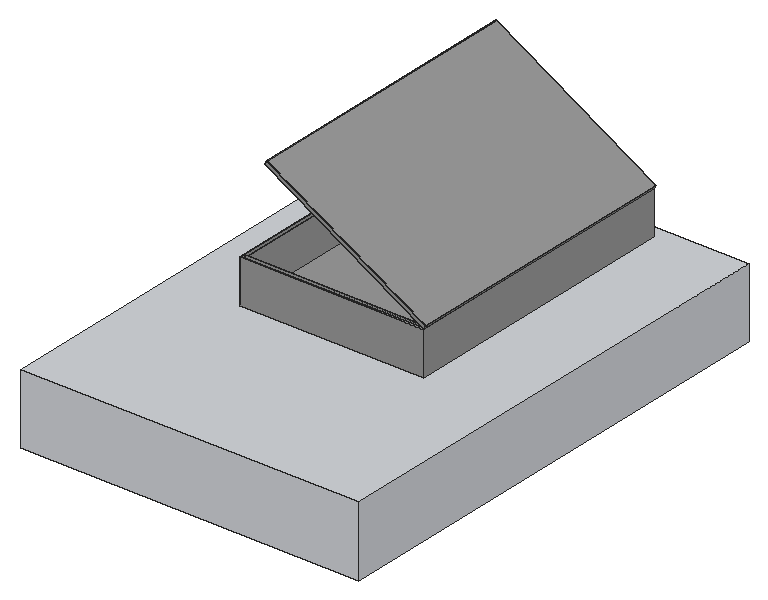
Revit family "Hager-Univers-IP44-D205-H1250-Cl.II-Encl-PL-en", category Equipement électrique, Revit 2020
Family settings
  Hôte = Face
  Configuration du panneau = Deux colonnes, circuits au sein
  Cote de connecteur circulaire = Utiliser le diamètre
  Type d'élément = Tableau de raccordement
  Couper avec des vides une fois chargée = Non
  Partagée = Non
  Point de calcul de pièce = Non
Parameters (values of type "Surface mounted (plaster) IP44 W800 H1250 D205  - FP83SN2")
  Width Control [instance] = if([EF000008 - Width] > Min Width, [EF000008 - Width], Min Width)  # 800 mm
  Commentaires du type = [HG000003 - Range]  # "Univers"
  Thickness Door [instance] = if([EF009171 - Material plate thickness door/cover] > 3 mm, 3 mm, [EF009171 - Material plate thickness door/cover])  # 1 mm
  Seal Frame Offset [instance] = 17 mm  # constant formula
  Plinth Visibility [instance] = [HG000027 - Plinth height] > 0 mm  # no
  Model = ""
  Min Width [instance] = 100 mm  # constant formula
  Min Height [instance] = 100 mm  # constant formula
  Min Depth [instance] = (2 * [EF009170 - Material plate thickness cabinet]) + 1 mm  # 3 mm
  Internal Frame Depth [instance] = (Door System Depth * 0.5)  # 9 mm
  Height Control [instance] = if([EF000040 - Height] > Min Height, [EF000040 - Height], Min Height)  # 1250 mm
  HG000027 - Plinth height = 0 mm
  HG000026 - Floor standing = no
  HG000024 - Bottom section height = 800 mm
  HG000023 - Double section enclosure = no
  HG000016 - Door 3d visibility [instance] = yes
  HG000015 - Clearance visibility [instance] = no
  HG000014 - Door on the right [instance] = yes
  HG000013 - Door on the left [instance] = not([HG000014 - Door on the right])  # no
  HG000012 - Door swing angle [instance] = 30.00°
  HG000010 - Asymmetric doors = no
  HG000009 - Double swing door = no
  HG000006 - Flush mounted = no
  HG000004 - Manufacturer reference = "FP83SN2"
  HG000003 - Range = "Univers"
  HG000002 - With door or cover = yes
  Frame Offset Bottom [instance] = 10 mm  # constant formula
  Frame Offset [instance] = 15 mm  # constant formula
  EF015940 - Cover with overpressure release = no
  EF011959 - Degree of protection (NEMA) = ""
  EF009554 - Number of openings for flange plates = 6
  EF009212 - Cover model = "EV000116 - Closed"
  EF009171 - Material plate thickness door/cover = 1 mm
  EF009170 - Material plate thickness cabinet = 1 mm
  Fabricant = "Hager"  # constant formula
  EF008873 - Nominal current (In) = 250 A
  EF007800 - Suitable for lightning protection = no
  EF006306 - With lock = no
  EF006244 - Transparent cover/door = no
  EF005474 - Degree of protection (IP) = "EV006418 - IP44"
  EF004464 - Type of door = "EV002646 - Single"
  EF004427 - Number of modules = 288
  EF004293 - Impact strength = "EV006815 - IK09"
  EF003532 - Suitable for outdoor use = no
  EF002950 - Width in number of modular spacings = 36
  EF001613 - Circuit integrity = "EV000494 - None"
  EF001596 - Material housing = "EV000179 - Steel"
  EF001131 - Internal depth = 130 mm
  EF001088 - Extension possible = yes
  EF000437 - Number of conduit inlets = 6
  EF000339 - Type of cover = "EV004216 - Door"
  EF000266 - Number of rows = 8
  EF000218 - Built-in depth = 205 mm
  EF000118 - With mounting plate = no
  EF000116 - RAL-number = "9010"
  EF000049 - Depth = 205 mm
  EF000040 - Height = 1250 mm
  EF000008 - Width = 800 mm
  EF000007 - Colour = "EV000202 - White"
  EF000003 - Mounting method = "EV000384 - Surface mounted (plaster)"
  Door System Leaf Tolerance [instance] = 1.5 mm  # constant formula
  Door System Depth [instance] = 18 mm  # constant formula
  Door Height [instance] = Height Control - [HG000027 - Plinth height]  # 1250 mm
  Depth Control [instance] = if([EF000049 - Depth] > Min Depth, [EF000049 - Depth], Min Depth)  # 205 mm
  Default Elevation = 0 mm
  Connector Offset [instance] = Height Control / 2  # 625 mm
  Bottom Top Plate Trim [instance] = 1.5 mm  # constant formula
  Plinth height Ctrl [instance] = if([HG000027 - Plinth height] > 0 mm, [HG000027 - Plinth height], 12 mm)  # 12 mm
Types (5, lengths in mm): name | Width Control | HG000010 - Asymmetric doors | HG000009 - Double swing door | HG000004 - Manufacturer reference | EF009554 - Number of openings for flange plates | EF004464 - Type of door | EF004427 - Number of modules | EF002950 - Width in number of modular spacings | EF001131 - Internal depth | EF000437 - Number of conduit inlets | EF000339 - Type of cover | EF000008 - Width
  Surface mounted (plaster) IP44 W1050 H1250 D205  - FP84SN2 | 1050 | no | yes | "FP84SN2" | 8 | "EV003602 - Double" | 384 | 48 | 130 | 8 | "EV004216 - Door" | 1050
  Surface mounted (plaster) IP44 W1300 H1250 D205  - FP85SN2 | 1300 | yes | yes | "FP85SN2" | 10 | "EV003602 - Double" | 480 | 60 | 130 | 10 | "EV004216 - Door" | 1300
  Surface mounted (plaster) IP44 W300 H1250 D205  - FP81SN2 | 300 | no | no | "FP81SN2" | 2 | "EV002646 - Single" | 96 | 12 | 143 | 2 | "EV001012 - Cover" | 300
  Surface mounted (plaster) IP44 W550 H1250 D205  - FP82SN2 | 550 | no | no | "FP82SN2" | 4 | "EV002646 - Single" | 192 | 24 | 143 | 4 | "EV001012 - Cover" | 550
  Surface mounted (plaster) IP44 W800 H1250 D205  - FP83SN2 | 800 | no | no | "FP83SN2" | 6 | "EV002646 - Single" | 288 | 36 | 130 | 6 | "EV004216 - Door" | 800
Reference planes
  plane 1 "Center (Front/Back)": y = 0
  plane 2: z = 0
  plane 3 "Center (Left/Right)": x = 0
  plane 4: z = 205
  plane 5: y = 1
  plane 6: y = 625
  plane 7: y = 0
  plane 8: y = 1250
  plane 9: z = 0
  plane 10: x = -385
  plane 11: x = 385
  plane 12: x = 384
  plane 13: x = -384
  plane 14: y = 1249
  plane 15: x = -383
  plane 16: x = -400
  plane 17: x = 383
  plane 18: x = 400
  plane 19: x = 399
  plane 20: x = -399
  plane 21: y = 11
  plane 22: y = 1250
  plane 23: y = 1234
  plane 24: z = 187
  plane 25: z = 1
  plane 26: z = 186
  plane 27: z = 204
Forms (mm)
  Extrusion 1, solid
    sketch origin (0, 0, 0) x (1, 0, 0) y (0, 1, 0)
      loop
        line (-702.964, 1305) -> (-702.964, -811.445) -> (766.763, -811.445) -> (766.763, 1305) -> (-702.964, 1305)
    from 0 to -304.8
  Extrusion 2, solid, material "Hager_Steel_RAL7035_Light_Grey", visible <- "Plinth Visibility", detail levels medium+fine
    sketch origin (0, 0, 0) x (1, 0, 0) y (0, 1, 0)
      loop
        line (-400, 0) -> (400, 0) -> (400, 12) -> (-400, 12) -> (-400, 0)
    from 0 to 187
  Extrusion 3, solid, material "Hager_Steel_RAL7035_Light_Grey", detail levels medium+fine
    sketch origin (0, 0, 0) x (1, 0, 0) y (0, 1, 0)
      loop
        line (-400, 0) -> (400, 0) -> (400, 1250) -> (-400, 1250) -> (-400, 0)
    from 0 to 187
  Extrusion 4, void
    sketch origin (0, 0, 0) x (1, 0, 0) y (0, 1, 0)
      loop
        line (-399, 1) -> (399, 1) -> (399, 1249) -> (-399, 1249) -> (-399, 1)
    from 1 to 186
  Extrusion 5, void
    sketch origin (-381.607, -4572, 187) x (0, -1, 0) y (-1, 0, 0)
      loop
        line (-4583, 2.393) -> (-5806, 2.393) -> (-5806, -765.607) -> (-4583, -765.607) -> (-4583, 2.393)
    from 0 to 1 <- "EF009170 - Material plate thickness cabinet"
  Extrusion 6, solid, material "Hager_Steel_RAL7035_Light_Grey", detail levels fine
    sketch origin (0, 0, 187) x (1, 0, 0) y (0, 1, 0)
      loop
        line (-384, 1234) -> (-384, 11) -> (384, 11) -> (384, 1234) -> (-384, 1234)
      loop
        line (-385, 10) -> (385, 10) -> (385, 1235) -> (-385, 1235) -> (-385, 10)
    from 0 to 9 <- "Internal Frame Depth"
  Extrusion 7, solid, material "Hager_Steel_RAL7035_Light_Grey", detail levels coarse
    sketch origin (0, 0, 0) x (1, 0, 0) y (0, 1, 0)
      loop
        line (-400, 0) -> (400, 0) -> (400, 1250) -> (-400, 1250) -> (-400, 0)
    from 0 to 205
  Sweep 8, void
    path in 3D
      loop
        line (-400, 12, 0) -> (400, 12, 0) -> (400, 12, 187) -> (-400, 12, 187) -> (-400, 12, 0)
    profile origin (-400, 12, 93.5) x (-1, 0, 0) y (0, -1, 0)
      loop
        line (0, 0) -> (0, 1.5) -> (-1.5, 1.5)
        arc (-1.5, 1.5) -> (-1.061, 0.439) -> (0, 0) r 1.5
Cuts and joins
  Extrusion 4, Extrusion 5 cuts Extrusion 3
  Sweep 8 cuts Extrusion 2
Lines and regions (mm)
  Masking region 1
    outline origin (0, 0, 0) x (1, 0, 0) y (0, 0, 1)
      loop
        line (-400, 205) -> (-400, 0) -> (400, 0) -> (400, 205) -> (-400, 205)
  Masking region 2, detail levels medium+fine
    outline origin (0, 140, 0) x (0, 1, 0) y (0, 0, 1)
      loop
        line (-140, 0) -> (1110, 0) -> (1110, 187) -> (-140, 187) -> (-140, 0)
  Masking region 3, not visible, detail levels medium+fine
    outline origin (0, 297.922, 0) x (0, 1, 0) y (0, 0, 1)
      loop
        line (338.578, 0) -> (378.578, 0) -> (378.578, 194)
        arc (378.578, 194) -> (375.649, 201.071) -> (368.578, 204) r 10
        line (368.578, 204) -> (338.578, 204) -> (338.578, 0)
  Masking region 4, detail levels coarse
    outline origin (0, 0, 180) x (0, 1, 0) y (0, 0, 1)
      loop
        line (0, -180) -> (1250, -180) -> (1250, 25) -> (0, 25) -> (0, -180)
  Masking region 5, visible <- "Plinth Visibility", detail levels medium+fine
    outline origin (0, 52.24, 12.345) x (0, 0, -1) y (0, 1, 0)
      loop
        line (10.845, -40.24) -> (-173.155, -40.24)
        arc (-173.155, -40.24) -> (-173.594, -41.301) -> (-174.655, -41.74) r 1.5
        line (-174.655, -41.74) -> (-174.655, -52.24) -> (12.345, -52.24) -> (12.345, -41.74)
        arc (12.345, -41.74) -> (11.285, -41.301) -> (10.845, -40.24) r 1.5
  Masking region 6, detail levels medium+fine
    outline origin (-381.607, -4572, 187) x (-1, 0, 0) y (0, -1, 0)
      loop
        line (18.393, -5822) -> (18.393, -4572) -> (-781.607, -4572) -> (-781.607, -5822) -> (18.393, -5822)
  Masking region 7, visible <- "Plinth Visibility", detail levels medium+fine
    outline origin (-381.607, -4727, 187) x (-1, 0, 0) y (0, -1, 0)
      loop
        arc (16.893, -4739) -> (17.332, -4737.939) -> (18.393, -4737.5) r 1.5
        line (18.393, -4737.5) -> (18.393, -4727) -> (-781.607, -4727) -> (-781.607, -4737.5)
        arc (-781.607, -4737.5) -> (-780.546, -4737.939) -> (-780.107, -4739) r 1.5
        line (-780.107, -4739) -> (16.893, -4739)
  Masking region 8, detail levels coarse
    outline origin (-442.548, -4669.526, 187) x (-1, 0, 0) y (0, -1, 0)
      loop
        line (-42.548, -5919.526) -> (-42.548, -4669.526) -> (-842.548, -4669.526) -> (-842.548, -5919.526) -> (-42.548, -5919.526)
  sketch lines
    curve 1: line (-400, 12, 187) -> (-400, 12, 0)
    curve 2: line (400, 12, 187) -> (-400, 12, 187)
    curve 3: line (400, 12, 187) -> (400, 12, 0)
    curve 4: line (-400, 12, 0) -> (400, 12, 0)
Dimensions and locks
  "Depth Control": plane 4 to Extrusion 1
  "HG000027 - Plinth height": plane 1 "Center (Front/Back)" to plane 7
  "EF009170 - Material plate thickness cabinet": plane 5 to plane 7
  locked: connector elem to plane 3 "Center (Left/Right)"
  equal spacing: plane 8, plane 6, plane 7
  locked: connector elem to plane 6
  "EF009170 - Material plate thickness cabinet": plane 8 to plane 14
  "EF009170 - Material plate thickness cabinet": plane 10 to plane 13
  "EF009170 - Material plate thickness cabinet": plane 12 to plane 11
  "Frame Offset": plane 20 to plane 13
  "Frame Offset": plane 12 to plane 19
  "EF009170 - Material plate thickness cabinet": plane 16 to plane 20
  "EF009170 - Material plate thickness cabinet": plane 19 to plane 18
  "Seal Frame Offset": plane 16 to plane 15
  "Seal Frame Offset": plane 17 to plane 18
  "Frame Offset Bottom": plane 21 to plane 5
  "Frame Offset": plane 14 to plane 23
  equal spacing: plane 16, plane 3 "Center (Left/Right)", plane 18
  "Width Control": plane 16 to plane 18
  "EF009170 - Material plate thickness cabinet": plane 4 to plane 27
  "EF009170 - Material plate thickness cabinet": plane 24 to plane 26
  "EF009170 - Material plate thickness cabinet": plane 25 to level
  "Door System Depth": plane 4 to plane 24
  "Height Control": plane 1 "Center (Front/Back)" to Extrusion 7 sketch curve
  "Height Control": Masking region 4 sketch curve to plane 1 "Center (Front/Back)"
  "Height Control": plane 1 "Center (Front/Back)" to plane 22
  "Bottom Top Plate Trim": profile plane to Sweep 8 sketch curve
  "Bottom Top Plate Trim": Sweep 8 sketch curve to profile plane
  "Plinth height Ctrl": plane 1 "Center (Front/Back)" to Extrusion 2 sketch curve
  "Plinth height Ctrl": Masking region 5 sketch curve to plane 1 "Center (Front/Back)"
  "Plinth height Ctrl": plane 1 "Center (Front/Back)" to Masking region 7 sketch curve
  "Thickness Door": Extrusion 6 sketch curve to Extrusion 6 sketch curve  (x3)
  "Thickness Door": cut or joined group of Extrusion 3, Extrusion 4, Extrusion 5 to Extrusion 6 sketch curve
  radius of Masking region 3 sketch curve = 10 mm
  "Bottom Top Plate Trim": radius of Masking region 5 sketch curve  (x2)
  "Bottom Top Plate Trim": radius of Sweep 8 sketch curve
  "Bottom Top Plate Trim": radius of Masking region 7 sketch curve  (x2)
  aligned and locked: plane 2 to Extrusion 1
  aligned and locked: level to Extrusion 1
  aligned and locked: level to Masking region 1 sketch curve
  aligned and locked: Masking region 1 sketch curve to plane 18
  aligned and locked: Masking region 1 sketch curve to plane 16
  aligned and locked: plane 7 to Masking region 2 sketch curve
  aligned and locked: level to Masking region 3 sketch curve
  aligned and locked: Masking region 3 sketch curve to plane 27
  aligned and locked: level to Masking region 2 sketch curve
  aligned and locked: plane 1 "Center (Front/Back)" to Extrusion 2 sketch curve
  aligned and locked: Extrusion 3 sketch curve to plane 7
  aligned and locked: plane 16 to Extrusion 3 sketch curve
  aligned and locked: plane 18 to Extrusion 3 sketch curve
  aligned and locked: plane 20 to Extrusion 4 sketch curve
  aligned and locked: plane 19 to Extrusion 4 sketch curve
  aligned and locked: Extrusion 4 sketch curve to plane 5
  aligned and locked: Extrusion 4 to plane 25
  aligned and locked: plane 26 to Extrusion 4
  aligned and locked: plane 24 to Extrusion 3
  aligned and locked: Extrusion 5 sketch curve to plane 21
  aligned and locked: Extrusion 5 sketch curve to plane 13
  aligned and locked: Extrusion 5 sketch curve to plane 12
  aligned and locked: plane 18 to Extrusion 7 sketch curve
  aligned and locked: plane 1 "Center (Front/Back)" to Extrusion 7 sketch curve
  aligned and locked: plane 16 to Extrusion 7 sketch curve
  aligned and locked: plane 4 to Extrusion 7
  aligned and locked: Extrusion 7 to level
  aligned and locked: level to Masking region 4 sketch curve
  aligned and locked: Masking region 4 sketch curve to plane 1 "Center (Front/Back)"
  aligned and locked: Masking region 4 sketch curve to plane 4
  aligned and locked: nested 1 to level
  aligned and locked: nested 1 to plane 16
  aligned and locked: plane 8 to Extrusion 3 sketch curve
  aligned and locked: plane 23 to Extrusion 5 sketch curve
  aligned and locked: plane 14 to Extrusion 4 sketch curve
  aligned and locked: Masking region 2 sketch curve to plane 8
  aligned and locked: level to Masking region 5 sketch curve
  aligned and locked: plane 16 to Extrusion 2 sketch curve
  aligned and locked: plane 18 to Extrusion 2 sketch curve
  aligned and locked: Masking region 5 sketch curve to plane 24
  aligned and locked: Masking region 2 sketch curve to plane 24
  aligned and locked: plane 24 to Extrusion 2
  aligned and locked: profile plane to Sweep 8 sketch curve  (x2)
  aligned and locked: Masking region 6 sketch curve to plane 18
  aligned and locked: Masking region 6 sketch curve to plane 22
  aligned and locked: Masking region 6 sketch curve to plane 16
  aligned and locked: plane 8 to plane 22
  aligned and locked: Masking region 6 sketch curve to plane 7
  aligned and locked: Masking region 7 sketch curve to plane 16
  aligned and locked: Masking region 7 sketch curve to plane 1 "Center (Front/Back)"
  aligned and locked: Masking region 7 sketch curve to plane 18
  aligned and locked: Masking region 8 sketch curve to plane 1 "Center (Front/Back)"
  aligned and locked: Masking region 8 sketch curve to plane 18
  aligned and locked: Masking region 8 sketch curve to plane 22
  aligned and locked: Masking region 8 sketch curve to plane 16
  aligned and locked: nested 2 to plane 7
  aligned and locked: plane 3 "Center (Left/Right)" to nested 2
  aligned and locked: nested 2 to plane 24
  aligned and locked: Extrusion 6 sketch curve to cut or joined group of Extrusion 3, Extrusion 4, Extrusion 5  (x4)
Automatic sketch dimensions
  Extrusion 1 sketch curve to Extrusion 1 sketch curve = 1469.727 mm
  Extrusion 1 sketch curve to Extrusion 1 sketch curve = 2116.445 mm
  Masking region 1 sketch curve to plane 4 = 0 mm
  plane 6 to Masking region 3 sketch curve = 11.5 mm
  Masking region 3 sketch curve to Masking region 3 sketch curve = 30 mm
  Masking region 5 sketch curve to plane 1 "Center (Front/Back)" = 0 mm
Nested families
  nested 1: "Hager_Enclosure_Symbol" at (-400, 0, 0) x (1, 0, 0) z (0, -1, 0), Height <- "Depth Control", Width <- "Width Control", type "Hager_Enclosure_Symbol"
    with Width_Ctrl 800 mm, Width 800 mm, Height_Ctrl 205 mm, Height 205 mm, A_Width_Int 13.453 mm, A_Width 161.438 mm, A_Height_Ctrl 179.375 mm, A_Height 179.375 mm
  nested 2: "EC000058_Univers_Door" at (0, 0, 187) x (1, 0, 0) z (0, 1, 0), Leaf_Tolerance <- "Door System Leaf Tolerance", Angle <- "HG000012 - Door swing angle", Door_Depth <- "Door System Depth", Door_Left <- "HG000013 - Door on the left", Transparent <- "EF006244 - Transparent cover/door", Assymetrical <- "HG000010 - Asymmetric doors", Width <- "Width Control", Clearance <- "HG000015 - Clearance visibility", Double <- "HG000009 - Double swing door", 3d_Door <- "HG000016 - Door 3d visibility", Lock_Visibility <- "EF006306 - With lock", Width_Ctrl <- "Width Control", Door_Right <- "HG000014 - Door on the right", Door <- "HG000002 - With door or cover", Height <- "Door Height", Thickness <- "Thickness Door", type "EC000058_Univers_Door", detail levels medium+fine
    with min_wh 3 mm, Width_Ctrl 800 mm, Width 800 mm, Transparent no, Thickness 1 mm, Seal_Material Hager_Rubber, Lock_Visibility no, Lock_Material Hager_Plastic_RAL9005_Jet_Black, Leaf_Width 800 mm, Leaf_Tolerance_External_Sides 0 mm, Leaf_Tolerance 1.5 mm, Leaf_Offset 0 mm, Leaf_Height 1247 mm, Leaf_2_Width 800 mm, Leaf_2_Offset 400 mm, Leaf_1_Width 800 mm, Leaf_1_Offset 400 mm, Height_Ctrl 1250 mm, Height 1250 mm, Glass_Material Hager_Glass, Double_Clearance_Ctrl no, Double no, Door_Right_Ctrl yes, Door_Right yes, Door_Material Hager_Steel_RAL7035_Light_Grey, Door_Left_Ctrl no, Door_Left no, Door_Depth 18 mm, Door yes, Clearance_Material Hager_Clearance, Clearance_Depth 800 mm, Clearance_Ctrl no, Clearance no, Assymetrical no, Angle 30.00°, 3d_Door yes
Connectors
  electrical at (0, 625, 0)
    settings: on plane 9, index 1, voltage 0 V, apparent load 0 VA, apparent load phase1 0 VA, apparent load phase2 0 VA, apparent load phase3 0 VA, power factor 1, load classification "Other", number of poles 1, system type 30, power factor state 1, is connector primary yes, connector utility no, sub classification motor no, connector description ""
Definition of nested family "EC000058_Univers_Door"
  Parameters (values of type "EC000058_Univers_Door")
    min_wh [instance] = (2 * Thickness) + 1 mm  # 11 mm
    Width_Ctrl [instance] = 400 mm
    Width [instance] = 500 mm
    Transparent [instance] = yes
    Thickness [instance] = 5 mm
    Seal_Material [instance] = none
    Lock_Visibility [instance] = yes
    Lock_Material [instance] = none
    Leaf_Width [instance] = if((Width_Ctrl - 2 * Leaf_Tolerance_External_Sides) > 0 mm, (Width_Ctrl - 2 * Leaf_Tolerance_External_Sides), min_wh)  # 400 mm
    Leaf_Tolerance_External_Sides [instance] = 0 mm  # constant formula
    Leaf_Tolerance [instance] = 1.5 mm
    Leaf_Offset [instance] = 0 mm  # constant formula
    Leaf_Height [instance] = if((Height_Ctrl - 2 * Leaf_Tolerance) > 0 mm, (Height_Ctrl - 2 * Leaf_Tolerance), min_wh)  # 497 mm
    Leaf_2_Width [instance] = if(and(and(Double, Assymetrical), Door_Left), (Leaf_Width / 3) - (Leaf_Tolerance / 2), if(and(and(Double, Assymetrical), Door_Right), (Leaf_Width / 3) * 2 - (Leaf_Tolerance / 2), if(and(Double, not(Assymetrical)), (Leaf_Width / 2) - Leaf_Tolerance, Leaf_Width)))  # 400 mm
    Leaf_2_Offset [instance] = if(and(Double, Assymetrical), Leaf_2_Width / 2, if(and(Double, not(Assymetrical)), Leaf_Width / 4, Leaf_Width / 2))  # 200 mm
    Leaf_1_Width [instance] = if(and(and(Double, Assymetrical), Door_Right), (Leaf_Width / 3) - (Leaf_Tolerance / 2), if(and(and(Double, Assymetrical), Door_Left), (Width / 3) * 2 - (Leaf_Tolerance / 2), if(and(Double, not(Assymetrical)), (Leaf_Width / 2) - Leaf_Tolerance, Leaf_Width)))  # 400 mm
    Leaf_1_Offset [instance] = if(and(Double, Assymetrical), Leaf_1_Width / 2, if(and(Double, not(Assymetrical)), Leaf_Width / 4, Leaf_Width / 2))  # 200 mm
    Height_Ctrl [instance] = if(Height > min_wh, Height, min_wh)  # 500 mm
    Height [instance] = 500 mm
    Glass_Material [instance] = none
    Double_Clearance_Ctrl [instance] = and(Double, Clearance)  # no
    Double [instance] = no
    Door_Right_Ctrl [instance] = and(or(Door_Right, Double), Door)  # yes
    Door_Right [instance] = yes
    Door_Material [instance] = none
    Door_Left_Ctrl [instance] = and(or(Door_Left, Double), Door)  # no
    Door_Left [instance] = no
    Door_Depth [instance] = 30 mm
    Door [instance] = yes
    Default Elevation = 1219.2 mm
    Clearance_Material [instance] = none
    Clearance_Depth [instance] = if(Leaf_1_Width > Leaf_2_Width, Leaf_1_Width, Leaf_2_Width)  # 400 mm
    Clearance_Ctrl [instance] = and(not(Double), Clearance)  # yes
    Clearance [instance] = yes
    Assymetrical [instance] = yes
    Angle [instance] = 30.00°
    3d_Door [instance] = yes
  Reference planes
    plane 1 "Center (Front/Back)": y = 0
    plane 2 "Bottom": z = 0
    plane 3 "Center (Left/Right)": x = 0
    plane 4: z = 500
    plane 5: x = -200
    plane 6: x = 200
    plane 7: z = 500
    plane 8: x = -200
    plane 9: z = 0
    plane 10: x = 200
    plane 11: y = 0
    plane 12: z = 1.5
    plane 13: x = -600
    plane 14: y = -400
    plane 15: x = 600
    plane 16: x = 0
    plane 17: x = 0
    plane 18: x = -200
    plane 19: x = 200
    plane 20: z = 498.5
  Forms (mm)
    Extrusion 1, solid, material <- "Clearance_Material", visible <- "Double_Clearance_Ctrl"
      sketch origin (1200, 0, 0) x (1, 0, 0) y (0, 0, -1)
        loop
          line (-1800, -498.5) -> (-600, -498.5) -> (-600, 0) -> (-1800, 0) -> (-1800, -498.5)
      from 0 to -400
  Dimensions and locks
    equal spacing: plane 5, plane 3 "Center (Left/Right)", plane 6
    "Width_Ctrl": plane 5 to plane 6
    "Leaf_Offset": plane 5 to plane 8
    "Leaf_Offset": plane 6 to plane 10
    "Leaf_Offset": plane 9 to level
    "Leaf_Offset": plane 4 to plane 7
    "Height_Ctrl": plane 4 to level
    "Leaf_Tolerance": plane 12 to plane 9
    locked: plane 11 to plane 1 "Center (Front/Back)"
    "Leaf_1_Offset": plane 18 to plane 16
    "Leaf_2_Offset": plane 17 to plane 19
    "Leaf_1_Width": plane 13 to plane 8
    "Leaf_2_Width": plane 10 to plane 15
    "Clearance_Depth": plane 14 to plane 1 "Center (Front/Back)"
    "Leaf_Tolerance_External_Sides": plane 8 to plane 18
    "Leaf_Tolerance_External_Sides": plane 19 to plane 10
    "Leaf_Tolerance": plane 7 to plane 20
    aligned and locked: level to plane 2 "Bottom"
    aligned and locked: nested 1 to plane 16
    aligned and locked: nested 2 to plane 17
    aligned and locked: Extrusion 1 to plane 13
    aligned and locked: plane 15 to Extrusion 1
    aligned and locked: Extrusion 1 to plane 14
    aligned and locked: plane 12 to nested 1
    aligned and locked: nested 2 to plane 12
    aligned and locked: Extrusion 1 to plane 11
    aligned and locked: plane 20 to Extrusion 1
    aligned and locked: nested 2 to plane 11
    aligned and locked: nested 1 to plane 11
  Automatic sketch dimensions
    Extrusion 1 sketch curve to level = 0 mm
    plane 5 to Extrusion 1 sketch curve = 400 mm
    plane 6 to Extrusion 1 sketch curve = 400 mm
    Extrusion 1 sketch curve to plane 4 = 1.5 mm
  Nested families
    nested 1: "EC000058_Univers_Door_Leaf" at (0, 0, 1.5), Width <- "Leaf_1_Width", visible <- "Door_Left_Ctrl", Leaf_Height <- "Leaf_Height", Angle <- "Angle", 3d_Door <- "3d_Door", Transparent <- "Transparent", Clearance Material <- "Clearance_Material", Clearance <- "Clearance_Ctrl", Door_Material <- "Door_Material", Glass_Material <- "Glass_Material", Door_Depth <- "Door_Depth", Lock_Material <- "Lock_Material", Seal_Material <- "Seal_Material", Lock_Visibility <- "Lock_Visibility", Thickness <- "Thickness", type "EC000058_Univers_Door_Leaf"
      with Width 400 mm, Transparent_Glass_Offset 30 mm, Transparent_Ctrl yes, Transparent yes, Thickness 5 mm, Standard no, Seal_Material none, Seal_D2 8 mm, Seal_D1 1 mm, Offset_Internal_Frame 10 mm, Lock_Width 20 mm, Lock_Visibility_3d yes, Lock_Visibility yes, Lock_Thickness_3 3 mm, Lock_Thickness_2 1 mm, Lock_Thickness_1 3 mm, Lock_Radius_Offset_2 16 mm, Lock_Radius_Offset_1 15 mm, Lock_Radius_2 5 mm, Lock_Radius 6 mm, Lock_Offset 5 mm, Lock_Material none, Lock_Height 80 mm, Lock_Cover_Top_Offset_2d 17 mm, Lock_Cover_Height -65 mm, Leaf_Height 497 mm, Internal_Seal_Thickness 8 mm, Internal_Seal_Depth_2 4.5 mm, Internal_Frame_Depth 25 mm, Glass_Thickness -1 mm, Glass_Offset -2 mm, Glass_Material none, Door_Material none, Door_Depth 30 mm, Clearance Material none, Clearance yes, Angle_Ctrl 30.00°, Angle 30.00°, 3d_Door yes
    nested 2: "EC000058_Univers_Door_Leaf" at (0, 0, 1.5) x (-1, 0, 0) z (0, 0, 1), Width <- "Leaf_2_Width", visible <- "Door_Right_Ctrl", Leaf_Height <- "Leaf_Height", Angle <- "Angle", 3d_Door <- "3d_Door", Transparent <- "Transparent", Clearance Material <- "Clearance_Material", Clearance <- "Clearance_Ctrl", Door_Material <- "Door_Material", Glass_Material <- "Glass_Material", Door_Depth <- "Door_Depth", Lock_Material <- "Lock_Material", Seal_Material <- "Seal_Material", Lock_Visibility <- "Lock_Visibility", Thickness <- "Thickness", type "EC000058_Univers_Door_Leaf"
      with Width 400 mm, Transparent_Glass_Offset 30 mm, Transparent_Ctrl yes, Transparent yes, Thickness 5 mm, Standard no, Seal_Material none, Seal_D2 8 mm, Seal_D1 1 mm, Offset_Internal_Frame 10 mm, Lock_Width 20 mm, Lock_Visibility_3d yes, Lock_Visibility yes, Lock_Thickness_3 3 mm, Lock_Thickness_2 1 mm, Lock_Thickness_1 3 mm, Lock_Radius_Offset_2 16 mm, Lock_Radius_Offset_1 15 mm, Lock_Radius_2 5 mm, Lock_Radius 6 mm, Lock_Offset 5 mm, Lock_Material none, Lock_Height 80 mm, Lock_Cover_Top_Offset_2d 17 mm, Lock_Cover_Height -65 mm, Leaf_Height 497 mm, Internal_Seal_Thickness 8 mm, Internal_Seal_Depth_2 4.5 mm, Internal_Frame_Depth 25 mm, Glass_Thickness -1 mm, Glass_Offset -2 mm, Glass_Material none, Door_Material none, Door_Depth 30 mm, Clearance Material none, Clearance yes, Angle_Ctrl 30.00°, Angle 30.00°, 3d_Door yes
  Definition of nested family "EC000058_Univers_Door_Leaf"
    Parameters (values of type "EC000058_Univers_Door_Leaf")
      Width [instance] = 2000 mm
      Transparent_Glass_Offset [instance] = 30 mm
      Transparent_Ctrl [instance] = and(Transparent, [3d_Door])  # yes
      Transparent [instance] = yes
      Thickness [instance] = 5 mm
      Standard [instance] = and(not(Transparent), [3d_Door])  # no
      Seal_Material [instance] = none
      Seal_D2 [instance] = 8 mm  # constant formula
      Seal_D1 [instance] = 1 mm  # constant formula
      Offset_Internal_Frame [instance] = 10 mm  # constant formula
      Lock_Width [instance] = 20 mm  # constant formula
      Lock_Visibility_3d [instance] = and(Lock_Visibility, [3d_Door])  # yes
      Lock_Visibility [instance] = yes
      Lock_Thickness_3 [instance] = 3 mm  # constant formula
      Lock_Thickness_2 [instance] = 1 mm  # constant formula
      Lock_Thickness_1 [instance] = 3 mm  # constant formula
      Lock_Radius_Offset_2 [instance] = Lock_Radius_Offset_1 + 1 mm  # 16 mm
      Lock_Radius_Offset_1 [instance] = 15 mm  # constant formula
      Lock_Radius_2 [instance] = Lock_Radius - 1 mm  # 5 mm
      Lock_Radius [instance] = 6 mm  # constant formula
      Lock_Offset [instance] = 5 mm  # constant formula
      Lock_Material [instance] = none
      Lock_Height [instance] = 80 mm  # constant formula
      Lock_Cover_Top_Offset_2d [instance] = Lock_Radius_Offset_2 + 1 mm  # 17 mm
      Lock_Cover_Height [instance] = -(Lock_Height - Lock_Radius_Offset_1)  # -65 mm
      Leaf_Height [instance] = 2720.336 mm
      Internal_Seal_Thickness [instance] = 8 mm  # constant formula
      Internal_Seal_Depth_2 [instance] = 4.5 mm  # constant formula
      Internal_Frame_Depth [instance] = if(Door_Depth - Thickness > 5 mm, Door_Depth - Thickness, 5 mm)  # 25 mm
      Glass_Thickness [instance] = if(Thickness > 15 mm, Glass_Offset + 10 mm, -1 mm)  # -1 mm
      Glass_Offset [instance] = if(Thickness > 15 mm, -(Thickness + 10 mm) / 2, -2 mm)  # -2 mm
      Glass_Material [instance] = none
      Door_Material [instance] = none
      Door_Depth [instance] = 30 mm
      Default Elevation = 0 mm
      Clearance Material [instance] = none
      Clearance [instance] = yes
      Angle_Ctrl [instance] = if(Angle > 180.00°, 180.00°, Angle)  # 90.00°
      Angle [instance] = 90.00°
      3d_Door [instance] = yes
    Reference planes
      plane 1 "Center (Front/Back)": y = 0
      plane 2: z = 0
      plane 3 "Center (Left/Right)": x = 0
      plane 4: y = 2000
      plane 5: x = -1000
      plane 6: x = 1000
      plane 7: x = -3000
      plane 8: z = 2720.336
      plane 9: z = 30
      plane 10: z = 2690.336
      plane 11: x = 970
      plane 12: x = -970
      plane 13: y = -3
      plane 14: z = 107.833
      plane 15: y = -5
      plane 16: y = -223.314
      plane 17: x = -1000
      plane 18: z = 1360.168
      plane 19: y = 30
    Forms (mm)
      Extrusion 1, solid, material <- "Clearance Material", visible <- "Clearance"
        sketch origin (0, 0, 0) x (1, 0, 0) y (0, 0, 1)
          loop
            line (-3000, 2720.336) -> (-3000, 0) -> (1000, 0) -> (1000, 2720.336) -> (-3000, 2720.336)
        from 0 to -2000
      Extrusion 2, solid, material <- "Door_Material", visible <- "Standard", detail levels medium+fine
        sketch origin (-1000, 0, 0) x (0, 1, 0) y (-1, 0, 0)
          loop
            line (0, 30) -> (0, 25) -> (2000, 25) -> (2000, 30) -> (0, 30)
        from 0 to 2720.336 <- "Leaf_Height"
      Extrusion 3, solid, material <- "Door_Material", visible <- "Transparent_Ctrl", detail levels medium+fine
        sketch origin (-1000, 0, 0) x (0, 1, 0) y (-1, 0, 0)
          loop
            line (0, 25) -> (2000, 25) -> (2000, 30) -> (0, 30) -> (0, 25)
        from 0 to 2720.336 <- "Leaf_Height"
      Extrusion 4, void
        sketch origin (-1025, 2000, 0) x (0, 1, 0) y (0, 0, -1)
          loop
            line (-30, -2690.336) -> (-30, -30) -> (-1970, -30) -> (-1970, -2690.336) -> (-30, -2690.336)
        from 0 to 5 <- "Thickness"
      Sweep 5, solid, material <- "Seal_Material", visible <- "Transparent_Ctrl", detail levels fine
        path in 3D
          loop
            line (-1025, 30, 30) -> (-1025, 30, 2690.336) -> (-1025, 1970, 2690.336) -> (-1025, 1970, 30) -> (-1025, 30, 30)
        profile origin (-1025, 1000, 30) x (1, 0, 0) y (0, 0, 1)
          loop
            line (0, 0) -> (0, -8) -> (1, -8) -> (1, 0) -> (0, 0)
      Extrusion 6, solid, material <- "Glass_Material", visible <- "Transparent_Ctrl", detail levels medium+fine
        sketch origin (-1030, 0, 0) x (0, 1, 0) y (0, 0, -1)
          loop
            line (1970, -2690.336) -> (1970, -30) -> (30, -30) -> (30, -2690.336) -> (1970, -2690.336)
        from -2 <- "Glass_Offset" to -1 <- "Glass_Thickness"
      Extrusion 7, solid, material <- "Door_Material", visible <- "3d_Door", detail levels medium+fine
        sketch origin (-1025, 2000, 0) x (0, -1, 0) y (0, 0, -1)
          loop
            line (0, -2720.336) -> (2000, -2720.336) -> (2000, 0) -> (0, 0) -> (0, -2720.336)
          loop
            line (1995, -5) -> (5, -5) -> (5, -2715.336) -> (1995, -2715.336) -> (1995, -5)
        from 0 to 25 <- "Internal_Frame_Depth"
      Sweep 8, solid, material <- "Seal_Material", visible <- "Transparent_Ctrl", detail levels fine
        path in 3D
          loop
            line (-1025, 0, 0) -> (-1025, 2000, 0) -> (-1025, 2000, 2720.336) -> (-1025, 0, 2720.336) -> (-1025, 0, 0)
        profile origin (-1025, 0, 1360.168) x (1, 0, 0) y (0, 1, 0)
          loop
            line (0, 10) -> (2.975, 10)
            arc (2.975, 10) -> (4.053, 10.447) -> (4.5, 11.525) r 1.525
            line (4.5, 11.525) -> (4.5, 16.527)
            arc (4.5, 16.527) -> (4.069, 17.569) -> (3.027, 18) r 1.473
            line (3.027, 18) -> (0, 18) -> (0, 10)
      Extrusion 9, solid, material <- "Lock_Material", visible <- "Lock_Visibility_3d", detail levels fine
        sketch origin (-1030, 0, 0) x (0, 1, 0) y (0, 0, -1)
          loop
            arc (1993.5, -1400.168) -> (1994.561, -1399.729) -> (1995, -1398.668) r 1.5
            line (1995, -1398.668) -> (1995, -1320.168) -> (1975, -1320.168) -> (1975, -1398.668)
            arc (1975, -1398.668) -> (1975.439, -1399.729) -> (1976.5, -1400.168) r 1.5
            line (1976.5, -1400.168) -> (1993.5, -1400.168)
        from 3 <- "Lock_Thickness_1" to 0
      Blend 10, solid, material <- "Lock_Material", visible <- "Lock_Visibility_3d", detail levels fine
        base sketch origin (-1033, 0, 0) x (0, 1, 0) y (0, 0, -1)
          loop
            line (1975, -1320.168) -> (1975, -1398.668)
            arc (1975, -1398.668) -> (1975.439, -1399.729) -> (1976.5, -1400.168) r 1.5
            line (1976.5, -1400.168) -> (1993.5, -1400.168)
            arc (1993.5, -1400.168) -> (1994.561, -1399.729) -> (1995, -1398.668) r 1.5
            line (1995, -1398.668) -> (1995, -1320.168) -> (1975, -1320.168)
        top sketch origin (-1033, 0, 0) x (0, 1, 0) y (0, 0, -1)
          loop
            line (1976, -1320.168) -> (1976, -1398.668)
            arc (1976, -1398.668) -> (1976.146, -1399.022) -> (1976.5, -1399.168) r 0.5
            line (1976.5, -1399.168) -> (1993.5, -1399.168)
            arc (1993.5, -1399.168) -> (1993.854, -1399.022) -> (1994, -1398.668) r 0.5
            line (1994, -1398.668) -> (1994, -1320.168) -> (1976, -1320.168)
        from 0 to 1 <- "Lock_Thickness_2"
      Blend 11, solid, material <- "Lock_Material", visible <- "Lock_Visibility_3d", detail levels fine
        base sketch origin (-1034, 0, 0) x (0, 1, 0) y (0, 0, -1)
          loop
            line (1978, -1320.168) -> (1978, -1384.168)
            arc (1978, -1384.168) -> (1985, -1391.168) -> (1992, -1384.168) r 7
            line (1992, -1384.168) -> (1992, -1320.168) -> (1978, -1320.168)
        top sketch origin (-1034, 0, 0) x (0, 1, 0) y (0, 0, -1)
          loop
            line (1991, -1320.168) -> (1979, -1320.168) -> (1979, -1383.168)
            arc (1979, -1383.168) -> (1985, -1389.168) -> (1991, -1383.168) r 6
            line (1991, -1383.168) -> (1991, -1320.168)
        from 0 to 3 <- "Lock_Thickness_3"
      Extrusion 12, solid, material <- "Lock_Material", visible <- "Lock_Visibility_3d", detail levels fine
        sketch origin (-1030, 1975, 1320.168) x (1, 0, 0) y (0, -1, 0)
          loop
            line (-7, -19) -> (-7, -1) -> (0, -1) -> (0, 0) -> (-8, 0) -> (-8, -20) -> (0, -20) -> (0, -19) -> (-7, -19)
        from 0 to -65 <- "Lock_Cover_Height"
      Extrusion 13, void
        sketch origin (-1038, 1995, 1320.168) x (-1, 0, 0) y (0, 0, -1)
          loop
            line (-5, -65) -> (0, -65) -> (-5, -60) -> (-5, -65)
        from 0 to 20 <- "Lock_Width"
      Extrusion 14, void
        sketch origin (-1038, 1975, 1320.168) x (0, -1, 0) y (0, 0, -1)
          loop
            circle (-10, -15.995) r 6
          loop
            circle (-10, -15.995) r 5
        from 0 to 2
      Extrusion 15, solid, material <- "Lock_Material", visible <- "Lock_Visibility_3d", detail levels medium
        sketch origin (-1030, 0, 0) x (0, 1, 0) y (0, 0, -1)
          loop
            arc (1993.5, -1400.168) -> (1994.561, -1399.729) -> (1995, -1398.668) r 1.5
            line (1995, -1398.668) -> (1995, -1320.168) -> (1975, -1320.168) -> (1975, -1398.668)
            arc (1975, -1398.668) -> (1975.439, -1399.729) -> (1976.5, -1400.168) r 1.5
            line (1976.5, -1400.168) -> (1993.5, -1400.168)
        from 8 to 0
    Cuts and joins
      Extrusion 4 cuts Extrusion 3
      Extrusion 13, Extrusion 14 cuts Extrusion 9
      Extrusion 14 cuts Blend 11
      Extrusion 13, Extrusion 14 cuts Extrusion 12
      joined: Extrusion 9, Blend 10, Blend 11, Extrusion 12
      Extrusion 14 cuts Extrusion 15
    Lines and regions (mm)
      Masking region 1, visible <- "Lock_Visibility", detail levels fine
        outline origin (0, 0, 0) x (0, 1, 0) y (0, 0, 1)
          loop
            line (30, 1320.168) -> (33, 1320.168) -> (33, 1400.168) -> (30, 1400.168) -> (30, 1320.168)
      Masking region 2, visible <- "Lock_Visibility", detail levels fine
        outline origin (0, 3.143, 0) x (0, 1, 0) y (0, 0, 1)
          loop
            line (29.857, 1354.168) -> (30.857, 1354.168) -> (30.857, 1366.168) -> (29.857, 1366.168) -> (29.857, 1354.168)
      Masking region 3, detail levels medium+fine
        outline origin (0, 0, 0) x (0, 1, 0) y (0, 0, 1)
          loop
            line (0, 0) -> (30, 0) -> (30, 2720.336) -> (0, 2720.336) -> (0, 0)
      Masking region 4, detail levels medium+fine
        outline origin (0, 0, 0) x (1, 0, 0) y (0, 0, 1)
          loop
            line (-1000, 2720.336) -> (-1000, 0) -> (1000, 0) -> (1000, 2720.336) -> (-1000, 2720.336)
      Masking region 5, visible <- "Lock_Visibility", detail levels fine
        outline origin (-47.116, 0, 0) x (1, 0, 0) y (0, 0, 1)
          loop
            arc (1024.616, 1399.168) -> (1023.556, 1398.729) -> (1023.116, 1397.668) r 1.5
            line (1023.116, 1397.668) -> (1023.116, 1320.168) -> (1041.116, 1320.168) -> (1041.116, 1397.668)
            arc (1041.116, 1397.668) -> (1040.677, 1398.729) -> (1039.616, 1399.168) r 1.5
            line (1039.616, 1399.168) -> (1024.616, 1399.168)
      Masking region 6, visible <- "Lock_Visibility", detail levels medium+fine
        outline origin (-25, 0, 0) x (1, 0, 0) y (0, 0, 1)
          loop
            arc (1001.5, 1400.168) -> (1000.439, 1399.729) -> (1000, 1398.668) r 1.5
            line (1000, 1398.668) -> (1000, 1320.168) -> (1020, 1320.168) -> (1020, 1398.668)
            arc (1020, 1398.668) -> (1019.561, 1399.729) -> (1018.5, 1400.168) r 1.5
            line (1018.5, 1400.168) -> (1001.5, 1400.168)
      Masking region 7, visible <- "Lock_Visibility", detail levels fine
        outline origin (-73.735, 0, 0) x (1, 0, 0) y (0, 0, 1)
          loop
            line (1051.735, 1382.168) -> (1065.735, 1382.168) -> (1065.735, 1384.168)
            arc (1065.735, 1384.168) -> (1058.735, 1391.168) -> (1051.735, 1384.168) r 7
            line (1051.735, 1384.168) -> (1051.735, 1382.168)
      Masking region 8, visible <- "Lock_Visibility", detail levels fine
        outline origin (-73.735, 0, 0) x (1, 0, 0) y (0, 0, 1)
          loop
            line (1052.735, 1382.168) -> (1064.735, 1382.168) -> (1064.735, 1383.168)
            arc (1064.735, 1383.168) -> (1058.735, 1389.168) -> (1052.735, 1383.168) r 6
            line (1052.735, 1383.168) -> (1052.735, 1382.168)
      Masking region 9, visible <- "Lock_Visibility", detail levels fine
        outline origin (-25, 0, 0) x (1, 0, 0) y (0, 0, 1)
          loop
            line (1020, 1320.168) -> (1020, 1382.168) -> (1000, 1382.168) -> (1000, 1320.168) -> (1020, 1320.168)
      Masking region 10, detail levels medium+fine
        outline origin (0, 0, 0) x (1, 0, 0) y (0, 0, 1)
          loop
            circle (985, 1335.144) r 6
      Masking region 11, detail levels fine
        outline origin (0, 0, 0) x (1, 0, 0) y (0, 0, 1)
          loop
            circle (985, 1335.144) r 5
      Masking region 12, visible <- "Lock_Visibility", detail levels fine
        outline origin (0, 12.767, 0) x (0, 1, 0) y (0, 0, 1)
          loop
            line (20.233, 1320.168) -> (21.233, 1320.168) -> (21.233, 1399.168) -> (20.233, 1400.168) -> (20.233, 1320.168)
      Masking region 13, visible <- "Lock_Visibility", detail levels fine
        outline origin (0, 13.767, -10) x (0, 1, 0) y (0, 0, 1)
          loop
            line (20.233, 1330.168) -> (23.233, 1330.168) -> (23.233, 1399.168) -> (20.233, 1402.168) -> (20.233, 1330.168)
      Masking region 14, visible <- "Lock_Visibility", detail levels fine
        outline origin (0, 12.767, -10) x (0, 1, 0) y (0, 0, 1)
          loop
            line (20.233, 1330.168) -> (25.233, 1330.168) -> (25.233, 1399.305) -> (20.233, 1394.305) -> (20.233, 1330.168)
      Masking region 15, visible <- "Lock_Visibility", detail levels medium
        outline origin (0, 0, 0) x (0, 1, 0) y (0, 0, 1)
          loop
            line (30, 1320.168) -> (38, 1320.168) -> (38, 1400.168) -> (30, 1400.168) -> (30, 1320.168)
      Masking region 16, visible <- "Lock_Visibility", detail levels fine
        outline origin (-1000, 0, 0) x (0, 1, 0) y (-1, 0, 0)
          loop
            line (1975, 30) -> (1995, 30) -> (1995, 38) -> (1975, 38) -> (1975, 30)
          loop
            line (1979, 37) -> (1976, 37) -> (1976, 34) -> (1978, 34) -> (1979, 37)
          loop
            line (1994, 37) -> (1991, 37) -> (1992, 34) -> (1994, 34) -> (1994, 37)
      Masking region 17, visible <- "Lock_Visibility", detail levels medium
        outline origin (-1000, 0, 0) x (0, 1, 0) y (-1, 0, 0)
          loop
            line (1975, 30) -> (1995, 30) -> (1995, 38) -> (1975, 38) -> (1975, 30)
      symbolic lines
        curve 1: line (1000, 0, 0) -> (-3000, 0, 0)
        curve 2: arc (1000, 0, 0) -> (-1000, 2000, 0) -> (-3000, 0, 0) r 2000
        curve 4: line (-1030, 0, 0) -> (-1030, 2000, 0)
      reference lines
        curve 3: line (-1000, 0, 0) -> (-1000, 2000, 0)
      symbolic lines, detail levels medium+fine
        curve 5: line (-1030, 2000, 0) -> (-1025, 2000, 0)
        curve 7: line (-1025, 0, 0) -> (-1030, 0, 0)
        curve 8: line (-1025, 0, 0) -> (-1000, 0, 0)
        curve 9: line (-1000, 0, 0) -> (-1000, 2000, 0)
        curve 10: line (-1000, 2000, 0) -> (-1025, 2000, 0)
      symbolic lines, detail levels fine
        curve 6: line (-1025, 2000, 0) -> (-1025, 0, 0)
      sketch lines
        curve 11: line (-1025, 0, 2720.336) -> (-1025, 0, 0)
        curve 12: line (-1025, 2000, 0) -> (-1025, 0, 0)
        curve 13: line (-1025, 2000, 2720.336) -> (-1025, 2000, 0)
        curve 14: line (-1025, 0, 2720.336) -> (-1025, 2000, 2720.336)
        curve 15: line (-1025, 1970, 30) -> (-1025, 30, 30)
        curve 16: line (-1025, 30, 30) -> (-1025, 30, 2690.336)
        curve 17: line (-1025, 1970, 2690.336) -> (-1025, 1970, 30)
        curve 18: line (-1025, 30, 2690.336) -> (-1025, 1970, 2690.336)
      symbolic lines, visible <- "Transparent", detail levels medium+fine
        curve 19: line (-970, 0, 2690.336) -> (970, 0, 2690.336)
        curve 20: line (-970, 0, 30) -> (-970, 0, 2690.336)
        curve 21: line (970, 0, 30) -> (-970, 0, 30)
        curve 22: line (970, 0, 2690.336) -> (970, 0, 30)
    Dimensions and locks
      "Width": plane 1 "Center (Front/Back)" to plane 4
      equal spacing: plane 5, plane 3 "Center (Left/Right)", plane 6
      "Width": plane 5 to plane 6
      "Width": plane 7 to plane 5
      "Leaf_Height": plane 8 to level
      "Width": curve 5 to curve 3
      "Width": curve 3 to curve 3
      plane 8 to plane 10 = 30 mm
      plane 9 to level = 30 mm
      plane 12 to plane 5 = 30 mm
      plane 6 to plane 11 = 30 mm
      Extrusion 1 to Extrusion 4 sketch curve = 30 mm
      "Transparent_Glass_Offset": curve 3 to Extrusion 4 sketch curve
      "Transparent_Glass_Offset": Extrusion 4 sketch curve to cut or joined group of Extrusion 3, Extrusion 4  (x2)
      cut or joined group of Extrusion 3, Extrusion 4 to Extrusion 6 sketch curve = 30 mm
      "Transparent_Glass_Offset": cut or joined group of Extrusion 3, Extrusion 4 to Extrusion 4 sketch curve
      "Thickness": curve 6 to curve 4
      "Thickness": Extrusion 7 sketch curve to Extrusion 7 sketch curve  (x4)
      "Door_Depth": curve 4 to curve 3
      "Offset_Internal_Frame": profile plane to Sweep 8 sketch curve
      "Internal_Seal_Thickness": Sweep 8 sketch curve to Sweep 8 sketch curve
      "Internal_Seal_Depth_2": profile plane to Sweep 8 sketch curve
      "Seal_D1": profile plane to Sweep 5 sketch curve
      "Seal_D2": profile plane to Sweep 5 sketch curve
      "Thickness": Extrusion 2 sketch curve to Extrusion 2 sketch curve
      equal spacing: Extrusion 9 sketch curve, plane 18, Extrusion 9 sketch curve  (x2)
      equal spacing: Masking region 1 sketch curve, plane 18, Masking region 1 sketch curve
      "Lock_Height": Masking region 1 sketch curve to Masking region 1 sketch curve
      "Lock_Radius": Masking region 2 sketch curve to plane 18 to Masking region 2 sketch curve
      Masking region 2 sketch curve to Masking region 1 = 1 mm
      "Door_Depth": plane 19 to plane 1 "Center (Front/Back)"
      "Lock_Thickness_1": Masking region 1 sketch curve to plane 19
      "Lock_Width": Extrusion 9 sketch curve to Extrusion 9 sketch curve
      "Lock_Height": Extrusion 9 sketch curve to Extrusion 9 sketch curve
      "Lock_Offset": cut or joined group of Extrusion 3, Extrusion 4 to Extrusion 9 sketch curve
      equal spacing: plane 8, plane 18, level
      "Lock_Radius_Offset_1": Blend 11 sketch curve to Blend 10
      locked: Blend 10 to Blend 11 sketch curve at 2  (x2)
      locked: var sketch to Blend 11 sketch curve at 1  (x2)
      "Lock_Radius_Offset_2": Blend 11 sketch curve to Blend 10
      locked: Extrusion 12 sketch curve to Extrusion 12 sketch curve at 1  (x3)
      Masking region 6 sketch curve to Masking region 6 sketch curve = 80 mm
      "Lock_Height": Masking region 6 sketch curve to Masking region 6 sketch curve
      "Lock_Width": Masking region 6 sketch curve to Masking region 6 sketch curve
      locked: Masking region 6 to Masking region 5 sketch curve at 1  (x3)
      locked: Masking region 5 to Masking region 7 sketch curve at 2  (x2)
      "Lock_Radius_Offset_1": Masking region 5 to Masking region 7 sketch curve
      "Lock_Radius_Offset_2": Masking region 5 to Masking region 8 sketch curve
      locked: Masking region 7 to Masking region 8 sketch curve at 1  (x2)
      "Lock_Cover_Top_Offset_2d": Masking region 5 to Masking region 9 sketch curve
      equal spacing: Masking region 9, Masking region 10 sketch curve, Masking region 9
      equal spacing: Masking region 9, Masking region 11 sketch curve, Masking region 9
      Extrusion 15 sketch curve to Extrusion 15 sketch curve = 80 mm
      "Lock_Width": Extrusion 15 sketch curve to Extrusion 15 sketch curve
      "Lock_Height": Extrusion 15 sketch curve to Extrusion 15 sketch curve
      equal spacing: Extrusion 15 sketch curve, plane 18, Extrusion 15 sketch curve
      "Lock_Thickness_3": Masking region 13 sketch curve to Masking region 13 sketch curve
      "Lock_Height": Masking region 12 sketch curve to Masking region 12 sketch curve
      locked: Masking region 13 sketch curve to Masking region 1 at 8
      locked: Masking region 14 sketch curve to Masking region 13 at 1
      locked: Masking region 14 sketch curve to Masking region 1 at 10.863
      "Lock_Height": Masking region 15 sketch curve to Masking region 15 sketch curve
      "Lock_Offset": Extrusion 15 sketch curve to cut or joined group of Extrusion 3, Extrusion 4
      "Lock_Offset": plane 6 to Masking region 6 sketch curve
      radius of Sweep 8 sketch curve = 1.525 mm
      radius of Sweep 8 sketch curve = 1.473 mm
      radius of Extrusion 9 sketch curve = 1.5 mm  (x2)
      "Lock_Radius": radius of Extrusion 14 sketch curve
      "Lock_Radius_2": radius of Extrusion 14 sketch curve
      "Lock_Radius": radius of Masking region 10 sketch curve
      "Lock_Radius_2": radius of Masking region 11 sketch curve
      radius of Extrusion 15 sketch curve = 1.5 mm  (x2)
      "Angle_Ctrl": angle plane 1 "Center (Front/Back)" to curve 3
      locked: Masking region 12 sketch curve to Masking region 12 sketch curve (angle 45.00°)
      locked: Masking region 13 sketch curve to Masking region 13 sketch curve (angle 45.00°)
      locked: Masking region 14 sketch curve to Masking region 14 sketch curve (angle 45.00°)
      aligned and locked: level to plane 2
      aligned and locked: Extrusion 1 to curve 1
      aligned and locked: plane 6 to Extrusion 1
      aligned and locked: Extrusion 1 to plane 1 "Center (Front/Back)"
      aligned and locked: plane 4 to Extrusion 1
      aligned and locked: plane 8 to Extrusion 1
      aligned and locked: curve 7 to Extrusion 2 sketch curve
      aligned and locked: curve 5 to Extrusion 2 sketch curve
      aligned and locked: curve 7 to Extrusion 3 sketch curve
      aligned and locked: Extrusion 3 sketch curve to curve 4
      aligned and locked: Extrusion 3 sketch curve to curve 6
      aligned and locked: Extrusion 3 sketch curve to curve 5
      aligned and locked: curve 9 to curve 3
      aligned and locked: Extrusion 7 sketch curve to cut or joined group of Extrusion 3, Extrusion 4  (x4)
      aligned and locked: plane 17 to curve 3
      aligned and locked: plane 1 "Center (Front/Back)" to curve 3
      aligned and locked: plane 17 to plane 5
      aligned and locked: Sweep 8 sketch curve to profile plane
      aligned and locked: Sweep 5 sketch curve to profile plane  (x2)
      aligned and locked: Masking region 1 to Masking region 2 sketch curve
      aligned and locked: plane 19 to Masking region 1 sketch curve
      aligned and locked: plane 1 "Center (Front/Back)" to Masking region 3 sketch curve
      aligned and locked: plane 19 to Masking region 3 sketch curve
      aligned and locked: level to Masking region 3 sketch curve
      aligned and locked: Masking region 3 sketch curve to plane 8
      aligned and locked: plane 17 to Masking region 4 sketch curve
      aligned and locked: level to Masking region 4 sketch curve
      aligned and locked: Masking region 4 sketch curve to plane 8
      aligned and locked: plane 12 to curve 20
      aligned and locked: plane 10 to curve 19
      aligned and locked: plane 11 to curve 22
      aligned and locked: curve 21 to plane 9
      aligned and locked: Extrusion 2 sketch curve to cut or joined group of Extrusion 3, Extrusion 4
      aligned and locked: Blend 10 sketch curve to Extrusion 9  (x4)
      aligned and locked: Extrusion 9 to Blend 10 sketch curve
      aligned and locked: Blend 10 to Blend 11 sketch curve
      aligned and locked: Extrusion 12 sketch curve to Blend 11
      aligned and locked: Extrusion 12 sketch curve to Extrusion 9  (x4)
      aligned and locked: Masking region 5 sketch curve to Masking region 6
      aligned and locked: Masking region 9 sketch curve to Masking region 6  (x3)
      aligned and locked: Masking region 12 sketch curve to Masking region 1
      aligned and locked: Masking region 13 sketch curve to Masking region 1
      aligned and locked: Masking region 12 to Masking region 14
      aligned and locked: Masking region 14 sketch curve to Masking region 1
      aligned and locked: Masking region 15 sketch curve to Masking region 14
      aligned and locked: Masking region 13 sketch curve to Masking region 12
      aligned and locked: Masking region 16 sketch curve to cut or joined group of Extrusion 14, Extrusion 15  (x4)
      aligned and locked: Masking region 16 sketch curve to cut or joined group of Extrusion 9, Blend 10, Blend 11, Extrusion 12, Extrusion 13, Extrusion 14  (x6)
      aligned and locked: cut or joined group of Extrusion 9, Blend 10, Blend 11, Extrusion 12, Extrusion 13, Extrusion 14 to Masking region 16 sketch curve
      aligned and locked: Masking region 17 sketch curve to cut or joined group of Extrusion 14, Extrusion 15  (x3)
      aligned and locked: Masking region 17 sketch curve to cut or joined group of Extrusion 9, Blend 10, Blend 11, Extrusion 12, Extrusion 13, Extrusion 14
      aligned and locked: Masking region 9 to Masking region 8 sketch curve
      aligned and locked: Masking region 9 to Masking region 7 sketch curve
    Automatic sketch dimensions
      plane 1 "Center (Front/Back)" to curve 2 = 0 mm
      curve 2 to plane 5 = 0 mm
      Extrusion 1 sketch curve to level = 0 mm
      Extrusion 1 sketch curve to plane 7 = 0 mm
      Extrusion 1 sketch curve to plane 6 = 0 mm
      Extrusion 1 sketch curve to plane 8 = 0 mm
      Extrusion 3 to Extrusion 6 sketch curve = 30 mm  (x4)
      Masking region 4 sketch curve to plane 6 = 0 mm
      Blend 10 sketch curve to Extrusion 9 = 1.5 mm
      Blend 10 sketch curve to Extrusion 9 = 1 mm
      Extrusion 13 sketch curve to Extrusion 12 = 0 mm  (x2)
      Extrusion 12 to Extrusion 13 sketch curve = 3 mm
      Extrusion 13 sketch curve to Extrusion 12 = 5 mm
      Extrusion 14 sketch curve to Extrusion 14 sketch curve = 0 mm  (x2)
      Extrusion 14 sketch curve to Extrusion 12 = 10 mm
      Extrusion 14 sketch curve to Extrusion 12 = 15.995 mm
      Masking region 5 sketch curve to Masking region 5 sketch curve = 1.5 mm  (x2)
      Masking region 10 sketch curve to plane 18 = 25.024 mm
      Masking region 11 sketch curve to plane 18 = 25.024 mm
      plane 19 to Masking region 14 sketch curve = 3 mm
      Masking region 16 sketch curve to Masking region 16 sketch curve = 3 mm
      curve 4 to curve 3 = 0 mm
      Blend 10 to Blend 11 sketch curve = 0 mm
      Masking region 6 sketch curve to Masking region 6 sketch curve = 1.5 mm  (x2)
      Masking region 6 sketch curve to plane 18 = 40 mm
      plane 19 to Masking region 12 sketch curve = 3 mm
      Masking region 12 sketch curve to Masking region 12 sketch curve = 1 mm
      Masking region 15 sketch curve to plane 19 = 0 mm
      Masking region 15 sketch curve to plane 18 = 40 mm
      radius of Blend 10 sketch curve to Extrusion 9 = 1 mm
Definition of nested family "Hager_Enclosure_Symbol"
  Parameters (values of type "Hager_Enclosure_Symbol")
    Width_Ctrl [instance] = if(Width > 1 mm, Width, 1 mm)  # 102.27 mm
    Width [instance] = 102.27 mm
    Height_Ctrl [instance] = if(Height > 1 mm, Height, 1 mm)  # 66.5 mm
    A_Width_Int [instance] = if(A_Width / 12 > 2 mm, A_Width / 12, 2 mm)  # 4.364 mm
    A_Width [instance] = if(A_Height_Ctrl * 0.9 > 2 mm, A_Height_Ctrl * 0.9, 2 mm)  # 52.369 mm
    A_Height_Ctrl [instance] = if(A_Height > 2 mm, A_Height, 2 mm)  # 58.188 mm
    Height [instance] = 66.5 mm
    A_Height [instance] = Height - (Height / 8)  # 58.188 mm
  Reference planes
    plane 1 "Centre (avant/arrière)": y = 0
    plane 2: z = 0
    plane 3 "Centre (gauche/droite)": x = 0
    plane 4: x = 52.369
    plane 5: y = 33.042
    plane 6: y = 41.77
    plane 7: y = 66.5
    plane 8: x = 26.184
    plane 9: y = 37.406
    plane 10: x = 102.27
    plane 11: y = 66.5
    plane 12: y = 8.313
  Lines and regions (mm)
    Filled region 1, type "Solid_Black", in view "Niveau de réf."
      outline origin (0, 0, 0) x (1, 0, 0) y (0, 1, 0)
        loop
          line (52.369, 66.5) -> (33.188, 54.536) -> (45.365, 45.006) -> (52.369, 66.5)
    Filled region 2, type "Solid_Black", in view "Niveau de réf."
      outline origin (0, 0, 0) x (1, 0, 0) y (0, 1, 0)
        loop
          line (0, 0) -> (102.27, 0) -> (102.27, 66.5) -> (0, 0)
    detail lines, in view "Niveau de réf."
      curve 1: line (0, 8.313, 0) -> (26.184, 41.77, 0)
      curve 2: line (26.184, 41.77, 0) -> (26.184, 33.042, 0)
      curve 3: line (26.184, 33.042, 0) -> (52.369, 66.5, 0)
  Dimensions and locks
    "A_Width": plane 3 "Centre (gauche/droite)" to plane 4
    equal spacing: plane 3 "Centre (gauche/droite)", plane 8, plane 4
    equal spacing: plane 6, plane 9, plane 5
    equal spacing: curve 3, Filled region 1 sketch curve, Filled region 1 sketch curve
    "Height_Ctrl": plane 1 "Centre (avant/arrière)" to plane 11
    "A_Height_Ctrl": plane 11 to plane 12
    equal spacing: plane 11, plane 9, plane 12
    "A_Width_Int": plane 6 to plane 9
    "Width_Ctrl": plane 3 "Centre (gauche/droite)" to plane 10
    angle Filled region 1 sketch curve to curve 3 = 20.00°
    angle curve 3 to Filled region 1 sketch curve = 20.00°
    locked: curve 3 to Filled region 1 sketch curve (angle 90.00°)
    aligned and locked: plane 10 to Filled region 2
    aligned and locked: plane 11 to Filled region 2 sketch curve
    aligned and locked: plane 10 to Filled region 2 sketch curve
    aligned and locked: plane 3 "Centre (gauche/droite)" to curve 1
    aligned and locked: plane 12 to curve 1
    aligned and locked: plane 7 to plane 11
  Automatic sketch dimensions
    Filled region 1 sketch curve to plane 4 = 0 mm
    Filled region 1 sketch curve to plane 7 = 0 mm
    plane 1 "Centre (avant/arrière)" to Filled region 2 sketch curve = 0 mm
    Filled region 2 sketch curve to plane 3 "Centre (gauche/droite)" = 0 mm
    curve 2 to plane 6 = 0 mm
    curve 2 to plane 8 = 0 mm
    curve 3 to plane 4 = 0 mm
    curve 2 to plane 5 = 0 mm
    curve 3 to plane 7 = 0 mm
